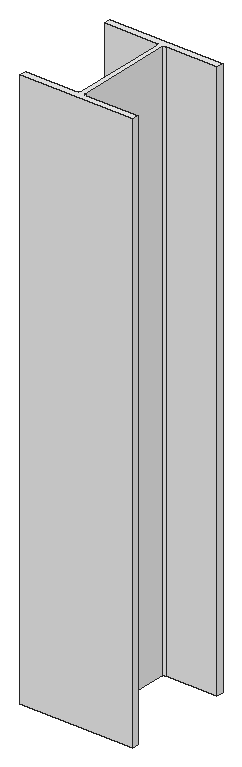
Revit family "WWF-Welded Wide Flange-Column", category 구조 기둥, Revit 2026
Family settings
  단면 모양 = 정의되지 않음
  모델 동작 재료 = 스틸
  항상 형상으로 내보내기 = 아니오
  평면의 보 전환 = 경계 상자에서
  로드될 때 보이드를 사용하여 절단 = 아니오
  기호 표현 = 프로젝트 설정에서
  공유 = 아니오
  평면도에서 미리 절단된 패밀리 표시 = 예
Parameters (values of type "WWF500x306")
  Structural Material [instance] = Metal - Steel - 345 MPa
  kr = k - (tw / 2)  # 10 mm
  Assembly Code = ""
  A = 0.039 m²
  W = 3
  bf = 500 mm
  d = 500 mm
  k = 20 mm
  tf = 30 mm
  tw = 20 mm
Reference planes
  plane 1: y = 0
  plane 2: z = 0
  plane 3: x = 0
  plane 4: x = -250
  plane 5: x = 250
  plane 6: y = 250
  plane 7: y = -250
  plane 8: x = -3.969
  plane 9: x = 3.969
Forms (mm)
  Extrusion 1, solid, material "Metal - Steel - 345 MPa" <- "Structural Material", detail levels medium
    sketch origin (0, 0, 0) x (1, 0, 0) y (0, 1, 0)
      loop
        line (-250, 250) -> (-250, 220) -> (-10, 220) -> (-10, -220) -> (-250, -220) -> (-250, -250) -> (250, -250) -> (250, -220) -> (10, -220) -> (10, 220) -> (250, 220) -> (250, 250) -> (-250, 250)
    from 0 to 2500
  Extrusion 2, solid, material "Metal - Steel - 345 MPa" <- "Structural Material", detail levels fine
    sketch origin (0, 0, 0) x (1, 0, 0) y (0, 1, 0)
      loop
        line (-250, 250) -> (-250, 220) -> (-20, 220)
        arc (-20, 220) -> (-12.929, 217.071) -> (-10, 210) r 10
        line (-10, 210) -> (-10, -210)
        arc (-10, -210) -> (-12.929, -217.071) -> (-20, -220) r 10
        line (-20, -220) -> (-250, -220) -> (-250, -250) -> (250, -250) -> (250, -220) -> (20, -220)
        arc (20, -220) -> (12.929, -217.071) -> (10, -210) r 10
        line (10, -210) -> (10, 210)
        arc (10, 210) -> (12.929, 217.071) -> (20, 220) r 10
        line (20, 220) -> (250, 220) -> (250, 250) -> (-250, 250)
    from 0 to 2500
Lines and regions (mm)
  symbolic lines, style "StructuralColumnStickSymbols", detail levels coarse
    curve 1: line (-250, 250, 0) -> (250, 250, 0)
    curve 2: line (-250, -250, 0) -> (250, -250, 0)
    curve 3: line (0, 250, 0) -> (0, -250, 0)
  symbolic lines, style "Hidden Faces", detail levels medium+fine
    curve 4: line (-3.969, 0, 0) -> (-3.969, 0, 2500)
    curve 5: line (3.969, 0, 2500) -> (3.969, 0, 0)
Dimensions and locks
  equal spacing: plane 4, plane 3, plane 5
  equal spacing: plane 7, plane 1, plane 6
  "d": plane 7 to plane 6
  "bf": plane 4 to plane 5
  "tf": plane 7 to Extrusion 1 sketch curve
  "tf": Extrusion 1 sketch curve to plane 6
  equal spacing: Extrusion 1 sketch curve, plane 3, Extrusion 1 sketch curve
  "tw": Extrusion 1 sketch curve to Extrusion 1 sketch curve
  "kr": radius of Extrusion 2 sketch curve  (x4)
  aligned and locked: Extrusion 1 sketch curve to plane 6
  aligned and locked: Extrusion 1 sketch curve to plane 7
  aligned and locked: Extrusion 1 sketch curve to plane 4  (x2)
  aligned and locked: plane 5 to Extrusion 1 sketch curve  (x2)
  aligned and locked: Extrusion 1 sketch curve to Extrusion 1 sketch curve  (x2)
  aligned and locked: level to Extrusion 1
  aligned and locked: level to plane 2
  aligned and locked: Extrusion 1 to plane 2
  aligned and locked: Extrusion 2 sketch curve to plane 6
  aligned and locked: plane 5 to Extrusion 2 sketch curve  (x2)
  aligned and locked: Extrusion 2 sketch curve to plane 4  (x2)
  aligned and locked: Extrusion 2 sketch curve to Extrusion 1  (x6)
  aligned and locked: Extrusion 2 sketch curve to plane 7
  aligned and locked: level to Extrusion 2
  aligned and locked: Extrusion 2 to level
Automatic sketch dimensions
  curve 2 to plane 4 = 0 mm
  curve 1 to plane 4 = 0 mm
  curve 3 to plane 3 = 0 mm
  curve 2 to plane 5 = 0 mm
  curve 1 to plane 5 = 0 mm
  curve 3 to plane 7 = 0 mm
  curve 3 to plane 6 = 0 mm
  curve 4 to level = 0 mm  (x2)
  curve 4 to plane 8 = 0 mm
  curve 5 to level = 0 mm  (x2)
  curve 5 to plane 9 = 0 mm
